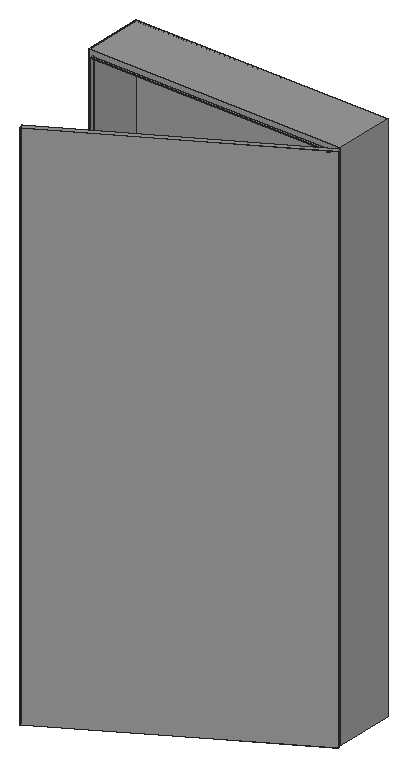
Revit family "Hager-Univers-IP44-D205-H1700-Cl.I-Encl-NoHosted-SE-en", category Equipement électrique, Revit 2020
Family settings
  Configuration du panneau = Deux colonnes, circuits au sein
  Cote de connecteur circulaire = Utiliser le diamètre
  Type d'élément = Tableau de raccordement
  Basée sur le plan de construction = Oui
  Toujours verticalement = Oui
  Couper avec des vides une fois chargée = Non
  Partagée = Non
  Point de calcul de pièce = Non
Parameters (values of type "Surface mounted (plaster) IP44 W800 H1700 D205  - FP13TN2")
  Width Control [instance] = if([EF000008 - Width] > Min Width, [EF000008 - Width], Min Width)  # 800 mm
  Commentaires du type = [HG000003 - Range]  # "Univers"
  Thickness Door [instance] = if([EF009171 - Material plate thickness door/cover] > 3 mm, 3 mm, [EF009171 - Material plate thickness door/cover])  # 1 mm
  Seal Frame Offset [instance] = 17 mm  # constant formula
  Plinth Visibility [instance] = [HG000027 - Plinth height] > 0 mm  # no
  Min Width [instance] = 100 mm  # constant formula
  Min Depth [instance] = (2 * [EF009170 - Material plate thickness cabinet]) + 1 mm  # 3 mm
  Min Height [instance] = 100 mm  # constant formula
  Internal Frame Depth [instance] = (Door System Depth * 0.5)  # 9 mm
  Panel Name [instance] = ""  # (empty or 0)
  Model = ""
  HG000027 - Plinth height = 0 mm
  HG000026 - Floor standing = no
  HG000024 - Bottom section height = 600 mm
  HG000023 - Double section enclosure = no
  HG000016 - Door 3d visibility [instance] = yes
  HG000015 - Clearance visibility [instance] = no
  HG000014 - Door on the right [instance] = yes
  HG000013 - Door on the left [instance] = not([HG000014 - Door on the right])  # no
  HG000012 - Door swing angle [instance] = 30.00°
  HG000010 - Asymmetric doors = no
  HG000009 - Double swing door = no
  HG000006 - Flush mounted = no
  HG000004 - Manufacturer reference = "FP13TN2"
  HG000003 - Range = "Univers"
  HG000002 - With door or cover = yes
  Frame Offset Bottom [instance] = 10 mm  # constant formula
  Frame Offset [instance] = 15 mm  # constant formula
  EF015940 - Cover with overpressure release = no
  EF011959 - Degree of protection (NEMA) = ""
  EF009554 - Number of openings for flange plates = 6
  EF009212 - Cover model = "EV000116 - Closed"
  EF009171 - Material plate thickness door/cover = 1 mm
  EF009170 - Material plate thickness cabinet = 1 mm
  EF008873 - Nominal current (In) = 400 A
  EF007800 - Suitable for lightning protection = no
  EF006306 - With lock = no
  EF006244 - Transparent cover/door = no
  EF005474 - Degree of protection (IP) = "EV006418 - IP44"
  EF004464 - Type of door = "EV002646 - Single"
  EF004427 - Number of modules = 396
  EF004293 - Impact strength = "EV006815 - IK09"
  EF003532 - Suitable for outdoor use = no
  EF002950 - Width in number of modular spacings = 36
  EF001613 - Circuit integrity = "EV000494 - None"
  EF001596 - Material housing = "EV000179 - Steel"
  EF001131 - Internal depth = 205 mm
  EF001088 - Extension possible = yes
  EF000437 - Number of conduit inlets = 6
  EF000339 - Type of cover = "EV001012 - Cover"
  EF000266 - Number of rows = 11
  EF000218 - Built-in depth = 205 mm
  EF000118 - With mounting plate = no
  EF000116 - RAL-number = "9010"
  EF000049 - Depth = 205 mm
  EF000040 - Height = 1700 mm
  EF000008 - Width = 800 mm
  EF000007 - Colour = "EV000202 - White"
  EF000003 - Mounting method = "EV000384 - Surface mounted (plaster)"
  Door System Leaf Tolerance [instance] = 1.5 mm  # constant formula
  Door System Depth [instance] = 18 mm  # constant formula
  Door Height [instance] = Height Control - [HG000027 - Plinth height]  # 1700 mm
  Description = ""
  Default Elevation = 1219.2 mm
  Connector Offset [instance] = Height Control / 2  # 850 mm
  Fabricant = "Hager"  # constant formula
  Height Control [instance] = if([EF000040 - Height] > Min Height, [EF000040 - Height], Min Height)  # 1700 mm
  Depth Control [instance] = if([EF000049 - Depth] > Min Depth, [EF000049 - Depth], Min Depth)  # 205 mm
  Bottom Top Plate Trim [instance] = 1.5 mm  # constant formula
  Plinth height Ctrl [instance] = if([HG000027 - Plinth height] > 0 mm, [HG000027 - Plinth height], 12 mm)  # 12 mm
Types (5, lengths in mm): name | Width Control | HG000010 - Asymmetric doors | HG000009 - Double swing door | HG000004 - Manufacturer reference | EF009554 - Number of openings for flange plates | EF008873 - Nominal current (In) | EF004464 - Type of door | EF004427 - Number of modules | EF002950 - Width in number of modular spacings | EF000437 - Number of conduit inlets | EF000008 - Width
  Surface mounted (plaster) IP44 W1050 H1700 D205  - FP14TN2 | 1050 | no | yes | "FP14TN2" | 8 | 400 A | "EV003602 - Double" | 528 | 48 | 8 | 1050
  Surface mounted (plaster) IP44 W1300 H1700 D205  - FP15TN2 | 1300 | yes | yes | "FP15TN2" | 10 | 400 A | "EV003602 - Double" | 660 | 60 | 10 | 1300
  Surface mounted (plaster) IP44 W300 H1700 D205  - FP11TN2 | 300 | no | no | "FP11TN2" | 2 | 250 A | "EV002646 - Single" | 132 | 12 | 2 | 300
  Surface mounted (plaster) IP44 W550 H1700 D205  - FP12TN2 | 550 | no | no | "FP12TN2" | 4 | 250 A | "EV002646 - Single" | 264 | 24 | 4 | 550
  Surface mounted (plaster) IP44 W800 H1700 D205  - FP13TN2 | 800 | no | no | "FP13TN2" | 6 | 400 A | "EV002646 - Single" | 396 | 36 | 6 | 800
Reference planes
  plane 1 "Center (Front/Back)": y = 0
  plane 2: z = 0
  plane 3 "Center (Left/Right)": x = 0
  plane 4: y = 0
  plane 5: y = 0
  plane 6: z = 0
  plane 7: x = -400
  plane 8: x = 400
  plane 9: x = 399
  plane 10: x = -399
  plane 11: z = 0
  plane 12: z = 1
  plane 13: y = -205
  plane 14: y = -1
  plane 15: x = 0
  plane 16: y = -187
  plane 17: y = -204
  plane 18: y = -186
  plane 19: x = -384
  plane 20: x = 384
  plane 21: z = 11
  plane 22: x = -383
  plane 23: x = 383
  plane 24: z = 0
  plane 25: z = 1700
  plane 26: z = 1700
  plane 27: z = 1684
  plane 28: z = 1699
Forms (mm)
  Extrusion 1, solid, material "Hager_Steel_RAL7035_Light_Grey", detail levels medium+fine
    sketch origin (-208.679, -4572, 0) x (-1, 0, 0) y (0, -1, 0)
      loop
        line (191.321, -4385) -> (-608.679, -4385) -> (-608.679, -4572) -> (191.321, -4572) -> (191.321, -4385)
    from 0 to 1700
  Extrusion 2, void
    sketch origin (-350.771, -205, 1219.2) x (1, 0, 0) y (0, 0, 1)
      loop
        line (-48.229, 479.8) -> (-48.229, -1218.2) -> (749.771, -1218.2) -> (749.771, 479.8) -> (-48.229, 479.8)
    from -19 to -204
  Extrusion 3, void
    sketch origin (-290.084, -187, 1219.2) x (1, 0, 0) y (0, 0, 1)
      loop
        line (-93.916, -1208.2) -> (674.084, -1208.2) -> (674.084, 464.8) -> (-93.916, 464.8) -> (-93.916, -1208.2)
    from 0 to -1
  Extrusion 4, solid, material "Hager_Steel_RAL7035_Light_Grey", visible <- "Plinth Visibility", detail levels medium+fine
    sketch origin (0, 0, 0) x (1, 0, 0) y (0, 1, 0)
      loop
        line (-400, 0) -> (-400, -187) -> (400, -187) -> (400, 0) -> (-400, 0)
    from 0 to 12 <- "Plinth height Ctrl"
  Extrusion 5, solid, material "Hager_Steel_RAL7035_Light_Grey", detail levels coarse
    sketch origin (0, 0, 0) x (1, 0, 0) y (0, 1, 0)
      loop
        line (-400, 0) -> (-400, -205) -> (400, -205) -> (400, 0) -> (-400, 0)
    from 0 to 1700 <- "Height Control"
  Sweep 6, void
    path in 3D
      loop
        line (-400, -187, 12) -> (400, -187, 12) -> (400, 0, 12) -> (-400, 0, 12) -> (-400, -187, 12)
    profile origin (-400, -93.5, 12) x (1, 0, 0) y (0, 0, 1)
      loop
        line (0, 0) -> (0, -1.5) -> (1.5, -1.5)
        arc (1.5, -1.5) -> (1.061, -0.439) -> (0, 0) r 1.5
  Extrusion 7, solid, material "Hager_Steel_RAL7035_Light_Grey", detail levels fine
    sketch origin (-400, -187, 0) x (1, 0, 0) y (0, 0, 1)
      loop
        line (16, 11) -> (784, 11) -> (784, 1684) -> (16, 1684) -> (16, 11)
      loop
        line (15, 10) -> (785, 10) -> (785, 1685) -> (15, 1685) -> (15, 10)
    from 0 to 9 <- "Internal Frame Depth"
Cuts and joins
  Extrusion 2, Extrusion 3 cuts Extrusion 1
  Sweep 6 cuts Extrusion 4
Lines and regions (mm)
  Masking region 1
    outline origin (0, 0, 0) x (1, 0, 0) y (0, 1, 0)
      loop
        line (-400, 0) -> (-400, -205) -> (400, -205) -> (400, 0) -> (-400, 0)
  Masking region 2, detail levels coarse
    outline origin (-290.084, -187, 1219.2) x (-1, 0, 0) y (0, 0, 1)
      loop
        line (-690.084, -1219.2) -> (109.916, -1219.2) -> (109.916, 480.8) -> (-690.084, 480.8) -> (-690.084, -1219.2)
  Masking region 3, detail levels coarse
    outline origin (0, 0, 0) x (0, 1, 0) y (0, 0, 1)
      loop
        line (0, 0) -> (0, 1700) -> (-205, 1700) -> (-205, 0) -> (0, 0)
  Masking region 4, visible <- "Plinth Visibility", detail levels medium+fine
    outline origin (0, 0, 0) x (0, 1, 0) y (0, 0, 1)
      loop
        line (-1.5, 12) -> (-185.5, 12)
        arc (-185.5, 12) -> (-185.939, 10.939) -> (-187, 10.5) r 1.5
        line (-187, 10.5) -> (-187, 0) -> (0, 0) -> (0, 10.5)
        arc (0, 10.5) -> (-1.061, 10.939) -> (-1.5, 12) r 1.5
  Masking region 5, detail levels medium+fine
    outline origin (0, 0, 594.038) x (0, 1, 0) y (0, 0, 1)
      loop
        line (0, -594.038) -> (0, 1105.962) -> (-187, 1105.962) -> (-187, -594.038) -> (0, -594.038)
  Masking region 6, detail levels medium+fine
    outline origin (-359.7, -187, 1211.883) x (-1, 0, 0) y (0, 0, 1)
      loop
        line (-759.7, -1211.883) -> (40.3, -1211.883) -> (40.3, 488.117) -> (-759.7, 488.117) -> (-759.7, -1211.883)
  Masking region 7, visible <- "Plinth Visibility", detail levels medium+fine
    outline origin (-320.334, -187, 1041.368) x (-1, 0, 0) y (0, 0, 1)
      loop
        line (-720.334, -1041.368) -> (79.666, -1041.368) -> (79.666, -1030.868)
        arc (79.666, -1030.868) -> (78.606, -1030.429) -> (78.166, -1029.368) r 1.5
        line (78.166, -1029.368) -> (-718.834, -1029.368)
        arc (-718.834, -1029.368) -> (-719.273, -1030.429) -> (-720.334, -1030.868) r 1.5
        line (-720.334, -1030.868) -> (-720.334, -1041.368)
  sketch lines
    curve 1: line (-400, 0, 12) -> (-400, -187, 12)
    curve 2: line (-400, -187, 12) -> (400, -187, 12)
    curve 3: line (400, 0, 12) -> (-400, 0, 12)
    curve 4: line (400, -187, 12) -> (400, 0, 12)
Dimensions and locks
  locked: plane 1 "Center (Front/Back)" to plane 5
  "EF009170 - Material plate thickness cabinet": plane 7 to plane 10
  "EF009170 - Material plate thickness cabinet": plane 8 to plane 9
  equal spacing: plane 7, plane 3 "Center (Left/Right)", plane 8
  "Width Control": plane 7 to plane 8
  "Depth Control": plane 4 to plane 13
  "EF009170 - Material plate thickness cabinet": plane 4 to plane 14
  "Height Control": plane 25 to level
  "HG000027 - Plinth height": plane 11 to level
  "EF009170 - Material plate thickness cabinet": plane 12 to plane 11
  "EF009170 - Material plate thickness cabinet": plane 17 to plane 13
  "EF009170 - Material plate thickness cabinet": plane 18 to plane 16
  "Frame Offset Bottom": plane 21 to plane 12
  "Frame Offset": plane 10 to plane 19
  "Frame Offset": plane 9 to plane 20
  "Door System Depth": plane 16 to plane 13
  "Seal Frame Offset": plane 7 to plane 22
  "Seal Frame Offset": plane 8 to plane 23
  "EF009170 - Material plate thickness cabinet": plane 26 to plane 28
  "Frame Offset": plane 28 to plane 27
  "Connector Offset": plane 2 to connector elem
  "Bottom Top Plate Trim": profile plane to Sweep 6 sketch curve
  "Bottom Top Plate Trim": Sweep 6 sketch curve to Sweep 6 sketch curve
  "Plinth height Ctrl": Masking region 4 sketch curve to level
  "Plinth height Ctrl": Masking region 7 sketch curve to level
  "Thickness Door": Extrusion 7 sketch curve to Extrusion 7 sketch curve  (x4)
  "Bottom Top Plate Trim": radius of Sweep 6 sketch curve
  "Bottom Top Plate Trim": radius of Masking region 4 sketch curve  (x2)
  "Bottom Top Plate Trim": radius of Masking region 7 sketch curve  (x2)
  aligned and locked: Extrusion 2 sketch curve to plane 12
  aligned and locked: Extrusion 2 sketch curve to plane 9
  aligned and locked: Extrusion 2 sketch curve to plane 10
  aligned and locked: Extrusion 2 to plane 14
  aligned and locked: Extrusion 1 sketch curve to plane 4
  aligned and locked: plane 8 to Extrusion 1 sketch curve
  aligned and locked: plane 7 to Extrusion 1 sketch curve
  aligned and locked: Extrusion 2 to plane 18
  aligned and locked: Extrusion 3 sketch curve to plane 19
  aligned and locked: plane 20 to Extrusion 3 sketch curve
  aligned and locked: Extrusion 3 to Extrusion 2
  aligned and locked: Extrusion 3 sketch curve to plane 21
  aligned and locked: plane 3 "Center (Left/Right)" to nested 1
  aligned and locked: Extrusion 1 sketch curve to plane 16
  aligned and locked: Extrusion 4 sketch curve to cut or joined group of Extrusion 1, Extrusion 2, Extrusion 3
  aligned and locked: Masking region 1 sketch curve to plane 7
  aligned and locked: Masking region 1 sketch curve to plane 5
  aligned and locked: Masking region 1 sketch curve to plane 8
  aligned and locked: Masking region 2 sketch curve to level
  aligned and locked: level to Masking region 3 sketch curve
  aligned and locked: plane 1 "Center (Front/Back)" to Masking region 3 sketch curve
  aligned and locked: plane 13 to Masking region 3 sketch curve
  aligned and locked: plane 5 to Masking region 4 sketch curve
  aligned and locked: Masking region 2 sketch curve to plane 8
  aligned and locked: Masking region 2 sketch curve to plane 7
  aligned and locked: plane 7 to nested 2
  aligned and locked: nested 2 to plane 5
  aligned and locked: plane 5 to Masking region 5 sketch curve
  aligned and locked: plane 26 to Masking region 5 sketch curve
  aligned and locked: Extrusion 5 sketch curve to plane 8
  aligned and locked: Extrusion 5 sketch curve to plane 7
  aligned and locked: Extrusion 5 sketch curve to plane 5
  aligned and locked: Extrusion 3 sketch curve to plane 27
  aligned and locked: Extrusion 2 sketch curve to plane 28
  aligned and locked: Masking region 2 to plane 25
  aligned and locked: Extrusion 4 to plane 16
  aligned and locked: profile plane to Sweep 6 sketch curve
  aligned and locked: Masking region 5 sketch curve to plane 24
  aligned and locked: level to Masking region 4 sketch curve
  aligned and locked: Masking region 1 to plane 13
  aligned and locked: nested 1 to plane 16
  aligned and locked: Masking region 3 to plane 25
  aligned and locked: plane 16 to Masking region 4 sketch curve
  aligned and locked: Masking region 5 sketch curve to plane 16
  aligned and locked: plane 24 to plane 11
  aligned and locked: plane 26 to plane 25
  aligned and locked: plane 26 to cut or joined group of Extrusion 1, Extrusion 2, Extrusion 3
  aligned and locked: nested 1 to plane 24
  aligned and locked: Extrusion 1 to Extrusion 3
  aligned and locked: Masking region 6 sketch curve to plane 8
  aligned and locked: Masking region 6 sketch curve to plane 24
  aligned and locked: Masking region 6 sketch curve to plane 7
  aligned and locked: Masking region 6 sketch curve to plane 26
  aligned and locked: Masking region 7 sketch curve to plane 7
  aligned and locked: level to Masking region 7 sketch curve
  aligned and locked: Masking region 7 sketch curve to plane 8
  aligned and locked: Extrusion 7 sketch curve to cut or joined group of Extrusion 1, Extrusion 2, Extrusion 3  (x4)
Automatic sketch dimensions
  plane 19 to Extrusion 3 sketch curve = 0 mm
  Extrusion 3 sketch curve to plane 20 = 0 mm
  Extrusion 3 sketch curve to plane 21 = 0 mm
  Extrusion 4 sketch curve to plane 7 = 0 mm
  Extrusion 4 sketch curve to plane 8 = 0 mm
  Extrusion 4 sketch curve to plane 16 = 0 mm
  Masking region 1 sketch curve to plane 13 = 0 mm
  Masking region 2 sketch curve to plane 25 = 0 mm
  Masking region 3 sketch curve to plane 25 = 0 mm
  Extrusion 5 sketch curve to plane 13 = 0 mm
  profile plane to Sweep 6 sketch curve = 0 mm
Nested families
  nested 1: "EC000058_Univers_Door" at (0, -187, 0), Double <- "HG000009 - Double swing door", Transparent <- "EF006244 - Transparent cover/door", Angle <- "HG000012 - Door swing angle", Door_Right <- "HG000014 - Door on the right", Assymetrical <- "HG000010 - Asymmetric doors", Door <- "HG000002 - With door or cover", Width_Ctrl <- "Width Control", 3d_Door <- "HG000016 - Door 3d visibility", Clearance <- "HG000015 - Clearance visibility", Door_Left <- "HG000013 - Door on the left", Width <- "Width Control", Door_Depth <- "Door System Depth", Leaf_Tolerance <- "Door System Leaf Tolerance", Height <- "Door Height", Lock_Visibility <- "EF006306 - With lock", Thickness <- "Thickness Door", type "EC000058_Univers_Door", detail levels medium+fine
    with min_wh 3 mm, Width_Ctrl 800 mm, Width 800 mm, Transparent no, Thickness 1 mm, Seal_Material Hager_Rubber, Lock_Visibility no, Lock_Material Hager_Plastic_RAL9005_Jet_Black, Leaf_Width 800 mm, Leaf_Tolerance_External_Sides 0 mm, Leaf_Tolerance 1.5 mm, Leaf_Offset 0 mm, Leaf_Height 1697 mm, Leaf_2_Width 800 mm, Leaf_2_Offset 400 mm, Leaf_1_Width 800 mm, Leaf_1_Offset 400 mm, Height_Ctrl 1700 mm, Height 1700 mm, Glass_Material Hager_Glass, Double_Clearance_Ctrl no, Double no, Door_Right_Ctrl yes, Door_Right yes, Door_Material Hager_Steel_RAL7035_Light_Grey, Door_Left_Ctrl no, Door_Left no, Door_Depth 18 mm, Door yes, Clearance_Material Hager_Clearance, Clearance_Depth 800 mm, Clearance_Ctrl no, Clearance no, Assymetrical no, Angle 30.00°, 3d_Door yes
  nested 2: "Hager_Enclosure_Symbol" at (-400, 0, 0), Height <- "Depth Control", Width <- "Width Control", type "Hager_Enclosure_Symbol"
    with Width_Ctrl 800 mm, Width 800 mm, Height_Ctrl 205 mm, Height 205 mm, A_Width_Int 13.453 mm, A_Width 161.438 mm, A_Height_Ctrl 179.375 mm, A_Height 179.375 mm
Connectors
  electrical at (0, 0, 850)
    settings: on plane 1 "Center (Front/Back)", index 1, voltage 0 V, apparent load 0 VA, apparent load phase1 0 VA, apparent load phase2 0 VA, apparent load phase3 0 VA, power factor 1, load classification "Other", number of poles 1, system type 30, power factor state 1, is connector primary yes, connector utility no, sub classification motor no, connector description ""
Definition of nested family "EC000058_Univers_Door"
  Parameters (values of type "EC000058_Univers_Door")
    min_wh [instance] = (2 * Thickness) + 1 mm  # 11 mm
    Width_Ctrl [instance] = 400 mm
    Width [instance] = 500 mm
    Transparent [instance] = yes
    Thickness [instance] = 5 mm
    Seal_Material [instance] = none
    Lock_Visibility [instance] = yes
    Lock_Material [instance] = none
    Leaf_Width [instance] = if((Width_Ctrl - 2 * Leaf_Tolerance_External_Sides) > 0 mm, (Width_Ctrl - 2 * Leaf_Tolerance_External_Sides), min_wh)  # 400 mm
    Leaf_Tolerance_External_Sides [instance] = 0 mm  # constant formula
    Leaf_Tolerance [instance] = 1.5 mm
    Leaf_Offset [instance] = 0 mm  # constant formula
    Leaf_Height [instance] = if((Height_Ctrl - 2 * Leaf_Tolerance) > 0 mm, (Height_Ctrl - 2 * Leaf_Tolerance), min_wh)  # 497 mm
    Leaf_2_Width [instance] = if(and(and(Double, Assymetrical), Door_Left), (Leaf_Width / 3) - (Leaf_Tolerance / 2), if(and(and(Double, Assymetrical), Door_Right), (Leaf_Width / 3) * 2 - (Leaf_Tolerance / 2), if(and(Double, not(Assymetrical)), (Leaf_Width / 2) - Leaf_Tolerance, Leaf_Width)))  # 400 mm
    Leaf_2_Offset [instance] = if(and(Double, Assymetrical), Leaf_2_Width / 2, if(and(Double, not(Assymetrical)), Leaf_Width / 4, Leaf_Width / 2))  # 200 mm
    Leaf_1_Width [instance] = if(and(and(Double, Assymetrical), Door_Right), (Leaf_Width / 3) - (Leaf_Tolerance / 2), if(and(and(Double, Assymetrical), Door_Left), (Width / 3) * 2 - (Leaf_Tolerance / 2), if(and(Double, not(Assymetrical)), (Leaf_Width / 2) - Leaf_Tolerance, Leaf_Width)))  # 400 mm
    Leaf_1_Offset [instance] = if(and(Double, Assymetrical), Leaf_1_Width / 2, if(and(Double, not(Assymetrical)), Leaf_Width / 4, Leaf_Width / 2))  # 200 mm
    Height_Ctrl [instance] = if(Height > min_wh, Height, min_wh)  # 500 mm
    Height [instance] = 500 mm
    Glass_Material [instance] = none
    Double_Clearance_Ctrl [instance] = and(Double, Clearance)  # no
    Double [instance] = no
    Door_Right_Ctrl [instance] = and(or(Door_Right, Double), Door)  # yes
    Door_Right [instance] = yes
    Door_Material [instance] = none
    Door_Left_Ctrl [instance] = and(or(Door_Left, Double), Door)  # no
    Door_Left [instance] = no
    Door_Depth [instance] = 30 mm
    Door [instance] = yes
    Default Elevation = 1219.2 mm
    Clearance_Material [instance] = none
    Clearance_Depth [instance] = if(Leaf_1_Width > Leaf_2_Width, Leaf_1_Width, Leaf_2_Width)  # 400 mm
    Clearance_Ctrl [instance] = and(not(Double), Clearance)  # yes
    Clearance [instance] = yes
    Assymetrical [instance] = yes
    Angle [instance] = 30.00°
    3d_Door [instance] = yes
  Reference planes
    plane 1 "Center (Front/Back)": y = 0
    plane 2 "Bottom": z = 0
    plane 3 "Center (Left/Right)": x = 0
    plane 4: z = 500
    plane 5: x = -200
    plane 6: x = 200
    plane 7: z = 500
    plane 8: x = -200
    plane 9: z = 0
    plane 10: x = 200
    plane 11: y = 0
    plane 12: z = 1.5
    plane 13: x = -600
    plane 14: y = -400
    plane 15: x = 600
    plane 16: x = 0
    plane 17: x = 0
    plane 18: x = -200
    plane 19: x = 200
    plane 20: z = 498.5
  Forms (mm)
    Extrusion 1, solid, material <- "Clearance_Material", visible <- "Double_Clearance_Ctrl"
      sketch origin (1200, 0, 0) x (1, 0, 0) y (0, 0, -1)
        loop
          line (-1800, -498.5) -> (-600, -498.5) -> (-600, 0) -> (-1800, 0) -> (-1800, -498.5)
      from 0 to -400
  Dimensions and locks
    equal spacing: plane 5, plane 3 "Center (Left/Right)", plane 6
    "Width_Ctrl": plane 5 to plane 6
    "Leaf_Offset": plane 5 to plane 8
    "Leaf_Offset": plane 6 to plane 10
    "Leaf_Offset": plane 9 to level
    "Leaf_Offset": plane 4 to plane 7
    "Height_Ctrl": plane 4 to level
    "Leaf_Tolerance": plane 12 to plane 9
    locked: plane 11 to plane 1 "Center (Front/Back)"
    "Leaf_1_Offset": plane 18 to plane 16
    "Leaf_2_Offset": plane 17 to plane 19
    "Leaf_1_Width": plane 13 to plane 8
    "Leaf_2_Width": plane 10 to plane 15
    "Clearance_Depth": plane 14 to plane 1 "Center (Front/Back)"
    "Leaf_Tolerance_External_Sides": plane 8 to plane 18
    "Leaf_Tolerance_External_Sides": plane 19 to plane 10
    "Leaf_Tolerance": plane 7 to plane 20
    aligned and locked: level to plane 2 "Bottom"
    aligned and locked: nested 1 to plane 16
    aligned and locked: nested 2 to plane 17
    aligned and locked: Extrusion 1 to plane 13
    aligned and locked: plane 15 to Extrusion 1
    aligned and locked: Extrusion 1 to plane 14
    aligned and locked: plane 12 to nested 1
    aligned and locked: nested 2 to plane 12
    aligned and locked: Extrusion 1 to plane 11
    aligned and locked: plane 20 to Extrusion 1
    aligned and locked: nested 2 to plane 11
    aligned and locked: nested 1 to plane 11
  Automatic sketch dimensions
    Extrusion 1 sketch curve to level = 0 mm
    plane 5 to Extrusion 1 sketch curve = 400 mm
    plane 6 to Extrusion 1 sketch curve = 400 mm
    Extrusion 1 sketch curve to plane 4 = 1.5 mm
  Nested families
    nested 1: "EC000058_Univers_Door_Leaf" at (0, 0, 1.5), Width <- "Leaf_1_Width", visible <- "Door_Left_Ctrl", Leaf_Height <- "Leaf_Height", Angle <- "Angle", 3d_Door <- "3d_Door", Transparent <- "Transparent", Clearance Material <- "Clearance_Material", Clearance <- "Clearance_Ctrl", Door_Material <- "Door_Material", Glass_Material <- "Glass_Material", Door_Depth <- "Door_Depth", Lock_Material <- "Lock_Material", Seal_Material <- "Seal_Material", Lock_Visibility <- "Lock_Visibility", Thickness <- "Thickness", type "EC000058_Univers_Door_Leaf"
      with Width 400 mm, Transparent_Glass_Offset 30 mm, Transparent_Ctrl yes, Transparent yes, Thickness 5 mm, Standard no, Seal_Material none, Seal_D2 8 mm, Seal_D1 1 mm, Offset_Internal_Frame 10 mm, Lock_Width 20 mm, Lock_Visibility_3d yes, Lock_Visibility yes, Lock_Thickness_3 3 mm, Lock_Thickness_2 1 mm, Lock_Thickness_1 3 mm, Lock_Radius_Offset_2 16 mm, Lock_Radius_Offset_1 15 mm, Lock_Radius_2 5 mm, Lock_Radius 6 mm, Lock_Offset 5 mm, Lock_Material none, Lock_Height 80 mm, Lock_Cover_Top_Offset_2d 17 mm, Lock_Cover_Height -65 mm, Leaf_Height 497 mm, Internal_Seal_Thickness 8 mm, Internal_Seal_Depth_2 4.5 mm, Internal_Frame_Depth 25 mm, Glass_Thickness -1 mm, Glass_Offset -2 mm, Glass_Material none, Door_Material none, Door_Depth 30 mm, Clearance Material none, Clearance yes, Angle_Ctrl 30.00°, Angle 30.00°, 3d_Door yes
    nested 2: "EC000058_Univers_Door_Leaf" at (0, 0, 1.5) x (-1, 0, 0) z (0, 0, 1), Width <- "Leaf_2_Width", visible <- "Door_Right_Ctrl", Leaf_Height <- "Leaf_Height", Angle <- "Angle", 3d_Door <- "3d_Door", Transparent <- "Transparent", Clearance Material <- "Clearance_Material", Clearance <- "Clearance_Ctrl", Door_Material <- "Door_Material", Glass_Material <- "Glass_Material", Door_Depth <- "Door_Depth", Lock_Material <- "Lock_Material", Seal_Material <- "Seal_Material", Lock_Visibility <- "Lock_Visibility", Thickness <- "Thickness", type "EC000058_Univers_Door_Leaf"
      with Width 400 mm, Transparent_Glass_Offset 30 mm, Transparent_Ctrl yes, Transparent yes, Thickness 5 mm, Standard no, Seal_Material none, Seal_D2 8 mm, Seal_D1 1 mm, Offset_Internal_Frame 10 mm, Lock_Width 20 mm, Lock_Visibility_3d yes, Lock_Visibility yes, Lock_Thickness_3 3 mm, Lock_Thickness_2 1 mm, Lock_Thickness_1 3 mm, Lock_Radius_Offset_2 16 mm, Lock_Radius_Offset_1 15 mm, Lock_Radius_2 5 mm, Lock_Radius 6 mm, Lock_Offset 5 mm, Lock_Material none, Lock_Height 80 mm, Lock_Cover_Top_Offset_2d 17 mm, Lock_Cover_Height -65 mm, Leaf_Height 497 mm, Internal_Seal_Thickness 8 mm, Internal_Seal_Depth_2 4.5 mm, Internal_Frame_Depth 25 mm, Glass_Thickness -1 mm, Glass_Offset -2 mm, Glass_Material none, Door_Material none, Door_Depth 30 mm, Clearance Material none, Clearance yes, Angle_Ctrl 30.00°, Angle 30.00°, 3d_Door yes
  Definition of nested family "EC000058_Univers_Door_Leaf"
    Parameters (values of type "EC000058_Univers_Door_Leaf")
      Width [instance] = 2000 mm
      Transparent_Glass_Offset [instance] = 30 mm
      Transparent_Ctrl [instance] = and(Transparent, [3d_Door])  # yes
      Transparent [instance] = yes
      Thickness [instance] = 5 mm
      Standard [instance] = and(not(Transparent), [3d_Door])  # no
      Seal_Material [instance] = none
      Seal_D2 [instance] = 8 mm  # constant formula
      Seal_D1 [instance] = 1 mm  # constant formula
      Offset_Internal_Frame [instance] = 10 mm  # constant formula
      Lock_Width [instance] = 20 mm  # constant formula
      Lock_Visibility_3d [instance] = and(Lock_Visibility, [3d_Door])  # yes
      Lock_Visibility [instance] = yes
      Lock_Thickness_3 [instance] = 3 mm  # constant formula
      Lock_Thickness_2 [instance] = 1 mm  # constant formula
      Lock_Thickness_1 [instance] = 3 mm  # constant formula
      Lock_Radius_Offset_2 [instance] = Lock_Radius_Offset_1 + 1 mm  # 16 mm
      Lock_Radius_Offset_1 [instance] = 15 mm  # constant formula
      Lock_Radius_2 [instance] = Lock_Radius - 1 mm  # 5 mm
      Lock_Radius [instance] = 6 mm  # constant formula
      Lock_Offset [instance] = 5 mm  # constant formula
      Lock_Material [instance] = none
      Lock_Height [instance] = 80 mm  # constant formula
      Lock_Cover_Top_Offset_2d [instance] = Lock_Radius_Offset_2 + 1 mm  # 17 mm
      Lock_Cover_Height [instance] = -(Lock_Height - Lock_Radius_Offset_1)  # -65 mm
      Leaf_Height [instance] = 2720.336 mm
      Internal_Seal_Thickness [instance] = 8 mm  # constant formula
      Internal_Seal_Depth_2 [instance] = 4.5 mm  # constant formula
      Internal_Frame_Depth [instance] = if(Door_Depth - Thickness > 5 mm, Door_Depth - Thickness, 5 mm)  # 25 mm
      Glass_Thickness [instance] = if(Thickness > 15 mm, Glass_Offset + 10 mm, -1 mm)  # -1 mm
      Glass_Offset [instance] = if(Thickness > 15 mm, -(Thickness + 10 mm) / 2, -2 mm)  # -2 mm
      Glass_Material [instance] = none
      Door_Material [instance] = none
      Door_Depth [instance] = 30 mm
      Default Elevation = 0 mm
      Clearance Material [instance] = none
      Clearance [instance] = yes
      Angle_Ctrl [instance] = if(Angle > 180.00°, 180.00°, Angle)  # 90.00°
      Angle [instance] = 90.00°
      3d_Door [instance] = yes
    Reference planes
      plane 1 "Center (Front/Back)": y = 0
      plane 2: z = 0
      plane 3 "Center (Left/Right)": x = 0
      plane 4: y = 2000
      plane 5: x = -1000
      plane 6: x = 1000
      plane 7: x = -3000
      plane 8: z = 2720.336
      plane 9: z = 30
      plane 10: z = 2690.336
      plane 11: x = 970
      plane 12: x = -970
      plane 13: y = -3
      plane 14: z = 107.833
      plane 15: y = -5
      plane 16: y = -223.314
      plane 17: x = -1000
      plane 18: z = 1360.168
      plane 19: y = 30
    Forms (mm)
      Extrusion 1, solid, material <- "Clearance Material", visible <- "Clearance"
        sketch origin (0, 0, 0) x (1, 0, 0) y (0, 0, 1)
          loop
            line (-3000, 2720.336) -> (-3000, 0) -> (1000, 0) -> (1000, 2720.336) -> (-3000, 2720.336)
        from 0 to -2000
      Extrusion 2, solid, material <- "Door_Material", visible <- "Standard", detail levels medium+fine
        sketch origin (-1000, 0, 0) x (0, 1, 0) y (-1, 0, 0)
          loop
            line (0, 30) -> (0, 25) -> (2000, 25) -> (2000, 30) -> (0, 30)
        from 0 to 2720.336 <- "Leaf_Height"
      Extrusion 3, solid, material <- "Door_Material", visible <- "Transparent_Ctrl", detail levels medium+fine
        sketch origin (-1000, 0, 0) x (0, 1, 0) y (-1, 0, 0)
          loop
            line (0, 25) -> (2000, 25) -> (2000, 30) -> (0, 30) -> (0, 25)
        from 0 to 2720.336 <- "Leaf_Height"
      Extrusion 4, void
        sketch origin (-1025, 2000, 0) x (0, 1, 0) y (0, 0, -1)
          loop
            line (-30, -2690.336) -> (-30, -30) -> (-1970, -30) -> (-1970, -2690.336) -> (-30, -2690.336)
        from 0 to 5 <- "Thickness"
      Sweep 5, solid, material <- "Seal_Material", visible <- "Transparent_Ctrl", detail levels fine
        path in 3D
          loop
            line (-1025, 30, 30) -> (-1025, 30, 2690.336) -> (-1025, 1970, 2690.336) -> (-1025, 1970, 30) -> (-1025, 30, 30)
        profile origin (-1025, 1000, 30) x (1, 0, 0) y (0, 0, 1)
          loop
            line (0, 0) -> (0, -8) -> (1, -8) -> (1, 0) -> (0, 0)
      Extrusion 6, solid, material <- "Glass_Material", visible <- "Transparent_Ctrl", detail levels medium+fine
        sketch origin (-1030, 0, 0) x (0, 1, 0) y (0, 0, -1)
          loop
            line (1970, -2690.336) -> (1970, -30) -> (30, -30) -> (30, -2690.336) -> (1970, -2690.336)
        from -2 <- "Glass_Offset" to -1 <- "Glass_Thickness"
      Extrusion 7, solid, material <- "Door_Material", visible <- "3d_Door", detail levels medium+fine
        sketch origin (-1025, 2000, 0) x (0, -1, 0) y (0, 0, -1)
          loop
            line (0, -2720.336) -> (2000, -2720.336) -> (2000, 0) -> (0, 0) -> (0, -2720.336)
          loop
            line (1995, -5) -> (5, -5) -> (5, -2715.336) -> (1995, -2715.336) -> (1995, -5)
        from 0 to 25 <- "Internal_Frame_Depth"
      Sweep 8, solid, material <- "Seal_Material", visible <- "Transparent_Ctrl", detail levels fine
        path in 3D
          loop
            line (-1025, 0, 0) -> (-1025, 2000, 0) -> (-1025, 2000, 2720.336) -> (-1025, 0, 2720.336) -> (-1025, 0, 0)
        profile origin (-1025, 0, 1360.168) x (1, 0, 0) y (0, 1, 0)
          loop
            line (0, 10) -> (2.975, 10)
            arc (2.975, 10) -> (4.053, 10.447) -> (4.5, 11.525) r 1.525
            line (4.5, 11.525) -> (4.5, 16.527)
            arc (4.5, 16.527) -> (4.069, 17.569) -> (3.027, 18) r 1.473
            line (3.027, 18) -> (0, 18) -> (0, 10)
      Extrusion 9, solid, material <- "Lock_Material", visible <- "Lock_Visibility_3d", detail levels fine
        sketch origin (-1030, 0, 0) x (0, 1, 0) y (0, 0, -1)
          loop
            arc (1993.5, -1400.168) -> (1994.561, -1399.729) -> (1995, -1398.668) r 1.5
            line (1995, -1398.668) -> (1995, -1320.168) -> (1975, -1320.168) -> (1975, -1398.668)
            arc (1975, -1398.668) -> (1975.439, -1399.729) -> (1976.5, -1400.168) r 1.5
            line (1976.5, -1400.168) -> (1993.5, -1400.168)
        from 3 <- "Lock_Thickness_1" to 0
      Blend 10, solid, material <- "Lock_Material", visible <- "Lock_Visibility_3d", detail levels fine
        base sketch origin (-1033, 0, 0) x (0, 1, 0) y (0, 0, -1)
          loop
            line (1975, -1320.168) -> (1975, -1398.668)
            arc (1975, -1398.668) -> (1975.439, -1399.729) -> (1976.5, -1400.168) r 1.5
            line (1976.5, -1400.168) -> (1993.5, -1400.168)
            arc (1993.5, -1400.168) -> (1994.561, -1399.729) -> (1995, -1398.668) r 1.5
            line (1995, -1398.668) -> (1995, -1320.168) -> (1975, -1320.168)
        top sketch origin (-1033, 0, 0) x (0, 1, 0) y (0, 0, -1)
          loop
            line (1976, -1320.168) -> (1976, -1398.668)
            arc (1976, -1398.668) -> (1976.146, -1399.022) -> (1976.5, -1399.168) r 0.5
            line (1976.5, -1399.168) -> (1993.5, -1399.168)
            arc (1993.5, -1399.168) -> (1993.854, -1399.022) -> (1994, -1398.668) r 0.5
            line (1994, -1398.668) -> (1994, -1320.168) -> (1976, -1320.168)
        from 0 to 1 <- "Lock_Thickness_2"
      Blend 11, solid, material <- "Lock_Material", visible <- "Lock_Visibility_3d", detail levels fine
        base sketch origin (-1034, 0, 0) x (0, 1, 0) y (0, 0, -1)
          loop
            line (1978, -1320.168) -> (1978, -1384.168)
            arc (1978, -1384.168) -> (1985, -1391.168) -> (1992, -1384.168) r 7
            line (1992, -1384.168) -> (1992, -1320.168) -> (1978, -1320.168)
        top sketch origin (-1034, 0, 0) x (0, 1, 0) y (0, 0, -1)
          loop
            line (1991, -1320.168) -> (1979, -1320.168) -> (1979, -1383.168)
            arc (1979, -1383.168) -> (1985, -1389.168) -> (1991, -1383.168) r 6
            line (1991, -1383.168) -> (1991, -1320.168)
        from 0 to 3 <- "Lock_Thickness_3"
      Extrusion 12, solid, material <- "Lock_Material", visible <- "Lock_Visibility_3d", detail levels fine
        sketch origin (-1030, 1975, 1320.168) x (1, 0, 0) y (0, -1, 0)
          loop
            line (-7, -19) -> (-7, -1) -> (0, -1) -> (0, 0) -> (-8, 0) -> (-8, -20) -> (0, -20) -> (0, -19) -> (-7, -19)
        from 0 to -65 <- "Lock_Cover_Height"
      Extrusion 13, void
        sketch origin (-1038, 1995, 1320.168) x (-1, 0, 0) y (0, 0, -1)
          loop
            line (-5, -65) -> (0, -65) -> (-5, -60) -> (-5, -65)
        from 0 to 20 <- "Lock_Width"
      Extrusion 14, void
        sketch origin (-1038, 1975, 1320.168) x (0, -1, 0) y (0, 0, -1)
          loop
            circle (-10, -15.995) r 6
          loop
            circle (-10, -15.995) r 5
        from 0 to 2
      Extrusion 15, solid, material <- "Lock_Material", visible <- "Lock_Visibility_3d", detail levels medium
        sketch origin (-1030, 0, 0) x (0, 1, 0) y (0, 0, -1)
          loop
            arc (1993.5, -1400.168) -> (1994.561, -1399.729) -> (1995, -1398.668) r 1.5
            line (1995, -1398.668) -> (1995, -1320.168) -> (1975, -1320.168) -> (1975, -1398.668)
            arc (1975, -1398.668) -> (1975.439, -1399.729) -> (1976.5, -1400.168) r 1.5
            line (1976.5, -1400.168) -> (1993.5, -1400.168)
        from 8 to 0
    Cuts and joins
      Extrusion 4 cuts Extrusion 3
      Extrusion 13, Extrusion 14 cuts Extrusion 9
      Extrusion 14 cuts Blend 11
      Extrusion 13, Extrusion 14 cuts Extrusion 12
      joined: Extrusion 9, Blend 10, Blend 11, Extrusion 12
      Extrusion 14 cuts Extrusion 15
    Lines and regions (mm)
      Masking region 1, visible <- "Lock_Visibility", detail levels fine
        outline origin (0, 0, 0) x (0, 1, 0) y (0, 0, 1)
          loop
            line (30, 1320.168) -> (33, 1320.168) -> (33, 1400.168) -> (30, 1400.168) -> (30, 1320.168)
      Masking region 2, visible <- "Lock_Visibility", detail levels fine
        outline origin (0, 3.143, 0) x (0, 1, 0) y (0, 0, 1)
          loop
            line (29.857, 1354.168) -> (30.857, 1354.168) -> (30.857, 1366.168) -> (29.857, 1366.168) -> (29.857, 1354.168)
      Masking region 3, detail levels medium+fine
        outline origin (0, 0, 0) x (0, 1, 0) y (0, 0, 1)
          loop
            line (0, 0) -> (30, 0) -> (30, 2720.336) -> (0, 2720.336) -> (0, 0)
      Masking region 4, detail levels medium+fine
        outline origin (0, 0, 0) x (1, 0, 0) y (0, 0, 1)
          loop
            line (-1000, 2720.336) -> (-1000, 0) -> (1000, 0) -> (1000, 2720.336) -> (-1000, 2720.336)
      Masking region 5, visible <- "Lock_Visibility", detail levels fine
        outline origin (-47.116, 0, 0) x (1, 0, 0) y (0, 0, 1)
          loop
            arc (1024.616, 1399.168) -> (1023.556, 1398.729) -> (1023.116, 1397.668) r 1.5
            line (1023.116, 1397.668) -> (1023.116, 1320.168) -> (1041.116, 1320.168) -> (1041.116, 1397.668)
            arc (1041.116, 1397.668) -> (1040.677, 1398.729) -> (1039.616, 1399.168) r 1.5
            line (1039.616, 1399.168) -> (1024.616, 1399.168)
      Masking region 6, visible <- "Lock_Visibility", detail levels medium+fine
        outline origin (-25, 0, 0) x (1, 0, 0) y (0, 0, 1)
          loop
            arc (1001.5, 1400.168) -> (1000.439, 1399.729) -> (1000, 1398.668) r 1.5
            line (1000, 1398.668) -> (1000, 1320.168) -> (1020, 1320.168) -> (1020, 1398.668)
            arc (1020, 1398.668) -> (1019.561, 1399.729) -> (1018.5, 1400.168) r 1.5
            line (1018.5, 1400.168) -> (1001.5, 1400.168)
      Masking region 7, visible <- "Lock_Visibility", detail levels fine
        outline origin (-73.735, 0, 0) x (1, 0, 0) y (0, 0, 1)
          loop
            line (1051.735, 1382.168) -> (1065.735, 1382.168) -> (1065.735, 1384.168)
            arc (1065.735, 1384.168) -> (1058.735, 1391.168) -> (1051.735, 1384.168) r 7
            line (1051.735, 1384.168) -> (1051.735, 1382.168)
      Masking region 8, visible <- "Lock_Visibility", detail levels fine
        outline origin (-73.735, 0, 0) x (1, 0, 0) y (0, 0, 1)
          loop
            line (1052.735, 1382.168) -> (1064.735, 1382.168) -> (1064.735, 1383.168)
            arc (1064.735, 1383.168) -> (1058.735, 1389.168) -> (1052.735, 1383.168) r 6
            line (1052.735, 1383.168) -> (1052.735, 1382.168)
      Masking region 9, visible <- "Lock_Visibility", detail levels fine
        outline origin (-25, 0, 0) x (1, 0, 0) y (0, 0, 1)
          loop
            line (1020, 1320.168) -> (1020, 1382.168) -> (1000, 1382.168) -> (1000, 1320.168) -> (1020, 1320.168)
      Masking region 10, detail levels medium+fine
        outline origin (0, 0, 0) x (1, 0, 0) y (0, 0, 1)
          loop
            circle (985, 1335.144) r 6
      Masking region 11, detail levels fine
        outline origin (0, 0, 0) x (1, 0, 0) y (0, 0, 1)
          loop
            circle (985, 1335.144) r 5
      Masking region 12, visible <- "Lock_Visibility", detail levels fine
        outline origin (0, 12.767, 0) x (0, 1, 0) y (0, 0, 1)
          loop
            line (20.233, 1320.168) -> (21.233, 1320.168) -> (21.233, 1399.168) -> (20.233, 1400.168) -> (20.233, 1320.168)
      Masking region 13, visible <- "Lock_Visibility", detail levels fine
        outline origin (0, 13.767, -10) x (0, 1, 0) y (0, 0, 1)
          loop
            line (20.233, 1330.168) -> (23.233, 1330.168) -> (23.233, 1399.168) -> (20.233, 1402.168) -> (20.233, 1330.168)
      Masking region 14, visible <- "Lock_Visibility", detail levels fine
        outline origin (0, 12.767, -10) x (0, 1, 0) y (0, 0, 1)
          loop
            line (20.233, 1330.168) -> (25.233, 1330.168) -> (25.233, 1399.305) -> (20.233, 1394.305) -> (20.233, 1330.168)
      Masking region 15, visible <- "Lock_Visibility", detail levels medium
        outline origin (0, 0, 0) x (0, 1, 0) y (0, 0, 1)
          loop
            line (30, 1320.168) -> (38, 1320.168) -> (38, 1400.168) -> (30, 1400.168) -> (30, 1320.168)
      Masking region 16, visible <- "Lock_Visibility", detail levels fine
        outline origin (-1000, 0, 0) x (0, 1, 0) y (-1, 0, 0)
          loop
            line (1975, 30) -> (1995, 30) -> (1995, 38) -> (1975, 38) -> (1975, 30)
          loop
            line (1979, 37) -> (1976, 37) -> (1976, 34) -> (1978, 34) -> (1979, 37)
          loop
            line (1994, 37) -> (1991, 37) -> (1992, 34) -> (1994, 34) -> (1994, 37)
      Masking region 17, visible <- "Lock_Visibility", detail levels medium
        outline origin (-1000, 0, 0) x (0, 1, 0) y (-1, 0, 0)
          loop
            line (1975, 30) -> (1995, 30) -> (1995, 38) -> (1975, 38) -> (1975, 30)
      symbolic lines
        curve 1: line (1000, 0, 0) -> (-3000, 0, 0)
        curve 2: arc (1000, 0, 0) -> (-1000, 2000, 0) -> (-3000, 0, 0) r 2000
        curve 4: line (-1030, 0, 0) -> (-1030, 2000, 0)
      reference lines
        curve 3: line (-1000, 0, 0) -> (-1000, 2000, 0)
      symbolic lines, detail levels medium+fine
        curve 5: line (-1030, 2000, 0) -> (-1025, 2000, 0)
        curve 7: line (-1025, 0, 0) -> (-1030, 0, 0)
        curve 8: line (-1025, 0, 0) -> (-1000, 0, 0)
        curve 9: line (-1000, 0, 0) -> (-1000, 2000, 0)
        curve 10: line (-1000, 2000, 0) -> (-1025, 2000, 0)
      symbolic lines, detail levels fine
        curve 6: line (-1025, 2000, 0) -> (-1025, 0, 0)
      sketch lines
        curve 11: line (-1025, 0, 2720.336) -> (-1025, 0, 0)
        curve 12: line (-1025, 2000, 0) -> (-1025, 0, 0)
        curve 13: line (-1025, 2000, 2720.336) -> (-1025, 2000, 0)
        curve 14: line (-1025, 0, 2720.336) -> (-1025, 2000, 2720.336)
        curve 15: line (-1025, 1970, 30) -> (-1025, 30, 30)
        curve 16: line (-1025, 30, 30) -> (-1025, 30, 2690.336)
        curve 17: line (-1025, 1970, 2690.336) -> (-1025, 1970, 30)
        curve 18: line (-1025, 30, 2690.336) -> (-1025, 1970, 2690.336)
      symbolic lines, visible <- "Transparent", detail levels medium+fine
        curve 19: line (-970, 0, 2690.336) -> (970, 0, 2690.336)
        curve 20: line (-970, 0, 30) -> (-970, 0, 2690.336)
        curve 21: line (970, 0, 30) -> (-970, 0, 30)
        curve 22: line (970, 0, 2690.336) -> (970, 0, 30)
    Dimensions and locks
      "Width": plane 1 "Center (Front/Back)" to plane 4
      equal spacing: plane 5, plane 3 "Center (Left/Right)", plane 6
      "Width": plane 5 to plane 6
      "Width": plane 7 to plane 5
      "Leaf_Height": plane 8 to level
      "Width": curve 5 to curve 3
      "Width": curve 3 to curve 3
      plane 8 to plane 10 = 30 mm
      plane 9 to level = 30 mm
      plane 12 to plane 5 = 30 mm
      plane 6 to plane 11 = 30 mm
      Extrusion 1 to Extrusion 4 sketch curve = 30 mm
      "Transparent_Glass_Offset": curve 3 to Extrusion 4 sketch curve
      "Transparent_Glass_Offset": Extrusion 4 sketch curve to cut or joined group of Extrusion 3, Extrusion 4  (x2)
      cut or joined group of Extrusion 3, Extrusion 4 to Extrusion 6 sketch curve = 30 mm
      "Transparent_Glass_Offset": cut or joined group of Extrusion 3, Extrusion 4 to Extrusion 4 sketch curve
      "Thickness": curve 6 to curve 4
      "Thickness": Extrusion 7 sketch curve to Extrusion 7 sketch curve  (x4)
      "Door_Depth": curve 4 to curve 3
      "Offset_Internal_Frame": profile plane to Sweep 8 sketch curve
      "Internal_Seal_Thickness": Sweep 8 sketch curve to Sweep 8 sketch curve
      "Internal_Seal_Depth_2": profile plane to Sweep 8 sketch curve
      "Seal_D1": profile plane to Sweep 5 sketch curve
      "Seal_D2": profile plane to Sweep 5 sketch curve
      "Thickness": Extrusion 2 sketch curve to Extrusion 2 sketch curve
      equal spacing: Extrusion 9 sketch curve, plane 18, Extrusion 9 sketch curve  (x2)
      equal spacing: Masking region 1 sketch curve, plane 18, Masking region 1 sketch curve
      "Lock_Height": Masking region 1 sketch curve to Masking region 1 sketch curve
      "Lock_Radius": Masking region 2 sketch curve to plane 18 to Masking region 2 sketch curve
      Masking region 2 sketch curve to Masking region 1 = 1 mm
      "Door_Depth": plane 19 to plane 1 "Center (Front/Back)"
      "Lock_Thickness_1": Masking region 1 sketch curve to plane 19
      "Lock_Width": Extrusion 9 sketch curve to Extrusion 9 sketch curve
      "Lock_Height": Extrusion 9 sketch curve to Extrusion 9 sketch curve
      "Lock_Offset": cut or joined group of Extrusion 3, Extrusion 4 to Extrusion 9 sketch curve
      equal spacing: plane 8, plane 18, level
      "Lock_Radius_Offset_1": Blend 11 sketch curve to Blend 10
      locked: Blend 10 to Blend 11 sketch curve at 2  (x2)
      locked: var sketch to Blend 11 sketch curve at 1  (x2)
      "Lock_Radius_Offset_2": Blend 11 sketch curve to Blend 10
      locked: Extrusion 12 sketch curve to Extrusion 12 sketch curve at 1  (x3)
      Masking region 6 sketch curve to Masking region 6 sketch curve = 80 mm
      "Lock_Height": Masking region 6 sketch curve to Masking region 6 sketch curve
      "Lock_Width": Masking region 6 sketch curve to Masking region 6 sketch curve
      locked: Masking region 6 to Masking region 5 sketch curve at 1  (x3)
      locked: Masking region 5 to Masking region 7 sketch curve at 2  (x2)
      "Lock_Radius_Offset_1": Masking region 5 to Masking region 7 sketch curve
      "Lock_Radius_Offset_2": Masking region 5 to Masking region 8 sketch curve
      locked: Masking region 7 to Masking region 8 sketch curve at 1  (x2)
      "Lock_Cover_Top_Offset_2d": Masking region 5 to Masking region 9 sketch curve
      equal spacing: Masking region 9, Masking region 10 sketch curve, Masking region 9
      equal spacing: Masking region 9, Masking region 11 sketch curve, Masking region 9
      Extrusion 15 sketch curve to Extrusion 15 sketch curve = 80 mm
      "Lock_Width": Extrusion 15 sketch curve to Extrusion 15 sketch curve
      "Lock_Height": Extrusion 15 sketch curve to Extrusion 15 sketch curve
      equal spacing: Extrusion 15 sketch curve, plane 18, Extrusion 15 sketch curve
      "Lock_Thickness_3": Masking region 13 sketch curve to Masking region 13 sketch curve
      "Lock_Height": Masking region 12 sketch curve to Masking region 12 sketch curve
      locked: Masking region 13 sketch curve to Masking region 1 at 8
      locked: Masking region 14 sketch curve to Masking region 13 at 1
      locked: Masking region 14 sketch curve to Masking region 1 at 10.863
      "Lock_Height": Masking region 15 sketch curve to Masking region 15 sketch curve
      "Lock_Offset": Extrusion 15 sketch curve to cut or joined group of Extrusion 3, Extrusion 4
      "Lock_Offset": plane 6 to Masking region 6 sketch curve
      radius of Sweep 8 sketch curve = 1.525 mm
      radius of Sweep 8 sketch curve = 1.473 mm
      radius of Extrusion 9 sketch curve = 1.5 mm  (x2)
      "Lock_Radius": radius of Extrusion 14 sketch curve
      "Lock_Radius_2": radius of Extrusion 14 sketch curve
      "Lock_Radius": radius of Masking region 10 sketch curve
      "Lock_Radius_2": radius of Masking region 11 sketch curve
      radius of Extrusion 15 sketch curve = 1.5 mm  (x2)
      "Angle_Ctrl": angle plane 1 "Center (Front/Back)" to curve 3
      locked: Masking region 12 sketch curve to Masking region 12 sketch curve (angle 45.00°)
      locked: Masking region 13 sketch curve to Masking region 13 sketch curve (angle 45.00°)
      locked: Masking region 14 sketch curve to Masking region 14 sketch curve (angle 45.00°)
      aligned and locked: level to plane 2
      aligned and locked: Extrusion 1 to curve 1
      aligned and locked: plane 6 to Extrusion 1
      aligned and locked: Extrusion 1 to plane 1 "Center (Front/Back)"
      aligned and locked: plane 4 to Extrusion 1
      aligned and locked: plane 8 to Extrusion 1
      aligned and locked: curve 7 to Extrusion 2 sketch curve
      aligned and locked: curve 5 to Extrusion 2 sketch curve
      aligned and locked: curve 7 to Extrusion 3 sketch curve
      aligned and locked: Extrusion 3 sketch curve to curve 4
      aligned and locked: Extrusion 3 sketch curve to curve 6
      aligned and locked: Extrusion 3 sketch curve to curve 5
      aligned and locked: curve 9 to curve 3
      aligned and locked: Extrusion 7 sketch curve to cut or joined group of Extrusion 3, Extrusion 4  (x4)
      aligned and locked: plane 17 to curve 3
      aligned and locked: plane 1 "Center (Front/Back)" to curve 3
      aligned and locked: plane 17 to plane 5
      aligned and locked: Sweep 8 sketch curve to profile plane
      aligned and locked: Sweep 5 sketch curve to profile plane  (x2)
      aligned and locked: Masking region 1 to Masking region 2 sketch curve
      aligned and locked: plane 19 to Masking region 1 sketch curve
      aligned and locked: plane 1 "Center (Front/Back)" to Masking region 3 sketch curve
      aligned and locked: plane 19 to Masking region 3 sketch curve
      aligned and locked: level to Masking region 3 sketch curve
      aligned and locked: Masking region 3 sketch curve to plane 8
      aligned and locked: plane 17 to Masking region 4 sketch curve
      aligned and locked: level to Masking region 4 sketch curve
      aligned and locked: Masking region 4 sketch curve to plane 8
      aligned and locked: plane 12 to curve 20
      aligned and locked: plane 10 to curve 19
      aligned and locked: plane 11 to curve 22
      aligned and locked: curve 21 to plane 9
      aligned and locked: Extrusion 2 sketch curve to cut or joined group of Extrusion 3, Extrusion 4
      aligned and locked: Blend 10 sketch curve to Extrusion 9  (x4)
      aligned and locked: Extrusion 9 to Blend 10 sketch curve
      aligned and locked: Blend 10 to Blend 11 sketch curve
      aligned and locked: Extrusion 12 sketch curve to Blend 11
      aligned and locked: Extrusion 12 sketch curve to Extrusion 9  (x4)
      aligned and locked: Masking region 5 sketch curve to Masking region 6
      aligned and locked: Masking region 9 sketch curve to Masking region 6  (x3)
      aligned and locked: Masking region 12 sketch curve to Masking region 1
      aligned and locked: Masking region 13 sketch curve to Masking region 1
      aligned and locked: Masking region 12 to Masking region 14
      aligned and locked: Masking region 14 sketch curve to Masking region 1
      aligned and locked: Masking region 15 sketch curve to Masking region 14
      aligned and locked: Masking region 13 sketch curve to Masking region 12
      aligned and locked: Masking region 16 sketch curve to cut or joined group of Extrusion 14, Extrusion 15  (x4)
      aligned and locked: Masking region 16 sketch curve to cut or joined group of Extrusion 9, Blend 10, Blend 11, Extrusion 12, Extrusion 13, Extrusion 14  (x6)
      aligned and locked: cut or joined group of Extrusion 9, Blend 10, Blend 11, Extrusion 12, Extrusion 13, Extrusion 14 to Masking region 16 sketch curve
      aligned and locked: Masking region 17 sketch curve to cut or joined group of Extrusion 14, Extrusion 15  (x3)
      aligned and locked: Masking region 17 sketch curve to cut or joined group of Extrusion 9, Blend 10, Blend 11, Extrusion 12, Extrusion 13, Extrusion 14
      aligned and locked: Masking region 9 to Masking region 8 sketch curve
      aligned and locked: Masking region 9 to Masking region 7 sketch curve
    Automatic sketch dimensions
      plane 1 "Center (Front/Back)" to curve 2 = 0 mm
      curve 2 to plane 5 = 0 mm
      Extrusion 1 sketch curve to level = 0 mm
      Extrusion 1 sketch curve to plane 7 = 0 mm
      Extrusion 1 sketch curve to plane 6 = 0 mm
      Extrusion 1 sketch curve to plane 8 = 0 mm
      Extrusion 3 to Extrusion 6 sketch curve = 30 mm  (x4)
      Masking region 4 sketch curve to plane 6 = 0 mm
      Blend 10 sketch curve to Extrusion 9 = 1.5 mm
      Blend 10 sketch curve to Extrusion 9 = 1 mm
      Extrusion 13 sketch curve to Extrusion 12 = 0 mm  (x2)
      Extrusion 12 to Extrusion 13 sketch curve = 3 mm
      Extrusion 13 sketch curve to Extrusion 12 = 5 mm
      Extrusion 14 sketch curve to Extrusion 14 sketch curve = 0 mm  (x2)
      Extrusion 14 sketch curve to Extrusion 12 = 10 mm
      Extrusion 14 sketch curve to Extrusion 12 = 15.995 mm
      Masking region 5 sketch curve to Masking region 5 sketch curve = 1.5 mm  (x2)
      Masking region 10 sketch curve to plane 18 = 25.024 mm
      Masking region 11 sketch curve to plane 18 = 25.024 mm
      plane 19 to Masking region 14 sketch curve = 3 mm
      Masking region 16 sketch curve to Masking region 16 sketch curve = 3 mm
      curve 4 to curve 3 = 0 mm
      Blend 10 to Blend 11 sketch curve = 0 mm
      Masking region 6 sketch curve to Masking region 6 sketch curve = 1.5 mm  (x2)
      Masking region 6 sketch curve to plane 18 = 40 mm
      plane 19 to Masking region 12 sketch curve = 3 mm
      Masking region 12 sketch curve to Masking region 12 sketch curve = 1 mm
      Masking region 15 sketch curve to plane 19 = 0 mm
      Masking region 15 sketch curve to plane 18 = 40 mm
      radius of Blend 10 sketch curve to Extrusion 9 = 1 mm
Definition of nested family "Hager_Enclosure_Symbol"
  Parameters (values of type "Hager_Enclosure_Symbol")
    Width_Ctrl [instance] = if(Width > 1 mm, Width, 1 mm)  # 102.27 mm
    Width [instance] = 102.27 mm
    Height_Ctrl [instance] = if(Height > 1 mm, Height, 1 mm)  # 66.5 mm
    A_Width_Int [instance] = if(A_Width / 12 > 2 mm, A_Width / 12, 2 mm)  # 4.364 mm
    A_Width [instance] = if(A_Height_Ctrl * 0.9 > 2 mm, A_Height_Ctrl * 0.9, 2 mm)  # 52.369 mm
    A_Height_Ctrl [instance] = if(A_Height > 2 mm, A_Height, 2 mm)  # 58.188 mm
    Height [instance] = 66.5 mm
    A_Height [instance] = Height - (Height / 8)  # 58.188 mm
  Reference planes
    plane 1 "Centre (avant/arrière)": y = 0
    plane 2: z = 0
    plane 3 "Centre (gauche/droite)": x = 0
    plane 4: x = 52.369
    plane 5: y = 33.042
    plane 6: y = 41.77
    plane 7: y = 66.5
    plane 8: x = 26.184
    plane 9: y = 37.406
    plane 10: x = 102.27
    plane 11: y = 66.5
    plane 12: y = 8.313
  Lines and regions (mm)
    Filled region 1, type "Solid_Black", in view "Niveau de réf."
      outline origin (0, 0, 0) x (1, 0, 0) y (0, 1, 0)
        loop
          line (52.369, 66.5) -> (33.188, 54.536) -> (45.365, 45.006) -> (52.369, 66.5)
    Filled region 2, type "Solid_Black", in view "Niveau de réf."
      outline origin (0, 0, 0) x (1, 0, 0) y (0, 1, 0)
        loop
          line (0, 0) -> (102.27, 0) -> (102.27, 66.5) -> (0, 0)
    detail lines, in view "Niveau de réf."
      curve 1: line (0, 8.313, 0) -> (26.184, 41.77, 0)
      curve 2: line (26.184, 41.77, 0) -> (26.184, 33.042, 0)
      curve 3: line (26.184, 33.042, 0) -> (52.369, 66.5, 0)
  Dimensions and locks
    "A_Width": plane 3 "Centre (gauche/droite)" to plane 4
    equal spacing: plane 3 "Centre (gauche/droite)", plane 8, plane 4
    equal spacing: plane 6, plane 9, plane 5
    equal spacing: curve 3, Filled region 1 sketch curve, Filled region 1 sketch curve
    "Height_Ctrl": plane 1 "Centre (avant/arrière)" to plane 11
    "A_Height_Ctrl": plane 11 to plane 12
    equal spacing: plane 11, plane 9, plane 12
    "A_Width_Int": plane 6 to plane 9
    "Width_Ctrl": plane 3 "Centre (gauche/droite)" to plane 10
    angle Filled region 1 sketch curve to curve 3 = 20.00°
    angle curve 3 to Filled region 1 sketch curve = 20.00°
    locked: curve 3 to Filled region 1 sketch curve (angle 90.00°)
    aligned and locked: plane 10 to Filled region 2
    aligned and locked: plane 11 to Filled region 2 sketch curve
    aligned and locked: plane 10 to Filled region 2 sketch curve
    aligned and locked: plane 3 "Centre (gauche/droite)" to curve 1
    aligned and locked: plane 12 to curve 1
    aligned and locked: plane 7 to plane 11
  Automatic sketch dimensions
    Filled region 1 sketch curve to plane 4 = 0 mm
    Filled region 1 sketch curve to plane 7 = 0 mm
    plane 1 "Centre (avant/arrière)" to Filled region 2 sketch curve = 0 mm
    Filled region 2 sketch curve to plane 3 "Centre (gauche/droite)" = 0 mm
    curve 2 to plane 6 = 0 mm
    curve 2 to plane 8 = 0 mm
    curve 3 to plane 4 = 0 mm
    curve 2 to plane 5 = 0 mm
    curve 3 to plane 7 = 0 mm
